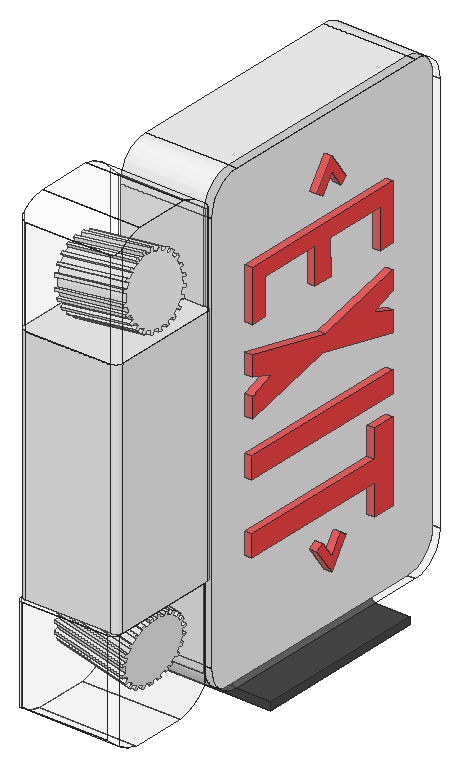
Revit family "DYNC_End", category Lighting Fixtures, host Face, Revit 2014
Parameters (values of type "DYNC-S-R")
  zz Length 1 [instance] = if(Single Face, 0.200", 0.250")  # 0.200"
  Watts = 3.72 W
  Wattage Comments = "3.72 W"
  Warranty = "Fixture: 5 Years Full; Battery: 2 Years Full, 8 Years Pro-Rata"  # constant formula
  Wall Plate Material = Hubbell - Black
  Voltage [instance] = if(Is 120VAC, 120 V, 277 V)  # 120 V
  URL = "https://www.hubbell.com/dual-lite/en"
  Type Comments = "Exit Light"  # constant formula
  Single Face = yes
  Product Page URL = "https://www.hubbell.com/dual-lite/en/Products/Lighting-Controls/Emergency-Exit-Lighting/Exit-Message-Signs/Dynamo-DYNC-Series/p/3015624"
  Product Documentation Link = "https://hubbellcdn.com/specsheet/DL_DYNC_SPEC.pdf"
  Model = "DYNC"  # constant formula
  Manufacturer = "DUAL-LITE"  # constant formula
  Load Classification = Lighting
  Lens = Hubbell - Red Glass
  Lamp = "LED Lamp"  # constant formula
  Is 277VAC [instance] = not(Is 120VAC)  # no
  Is 120VAC [instance] = yes
  Holder Material = Hubbell - Steel
  Glass = Hubbell - light Glass
  Finish = Hubbell - White
  Features = "NEMA 4X Rated\r\nUL Sanitation Certified\r\nFull Lumen output over 90 minutes of battery discharge\r\nHeavy Duty die-cast construction with polycarbonate shields\r\nLong-life Lithium Iron Phosphate battery\r\nRed or Green Letters in White or Black Finish\r\nWall, Ceiling or End Mount"  # constant formula
  Double Face = no
  Description = "DYNC Series is a highly versatile superior lumen output, industrial application combination Exit/Emergency lighting unit designed to provide a minimum of 90 minutes illumination when primary power is lost."  # constant formula
  Default Elevation = 48.000"
  Certification = "UL 924 Listed\r\nNFPA 101 Life Safety Code\r\nCEC T20 Compliant"  # constant formula
  Ceiling = End : E1
  Application = "NEMA 4 X, Wet, Industrial"  # constant formula
  Apparent Load = Watts  # 3.72 VA
Types (4): name | Lens | Double Face
  DYNC-S-R | Hubbell - Red Glass | no
  DYNC-S-G | Hubbell - Green Glass | no
  DYNC-D-G | Hubbell - Green Glass | yes
  DYNC-D-R | Hubbell - Red Glass | yes
Reference planes (in)
  plane 1 "Center (Front/Back)": y = 0
  plane 2: z = 0
  plane 3 "Center (Left/Right)": x = 0
  plane 4: x = -6.25
  plane 5: x = 6.25
  plane 6: x = -2.75
  plane 7: x = 2.75
  plane 8: z = 9.3
  plane 9: y = -1.25
  plane 10: y = 1.25
  plane 11: y = -2.2
  plane 12: y = 2.2
Forms (in)
  Extrusion 1, solid, material "Hubbell - Black" <- "Wall Plate Material"
    sketch origin (-0.33698, -0.33698, 0) x (1, 0, 0) y (0, 0, 1)
      loop
        line (2.20258, 0) -> (2.20258, 0.24288) -> (1.0795, 0.24288)
        arc (1.0795, 0.24288) -> (0.94157, 0.42301) -> (0.97906, 0.64676) r 0.28476
        line (0.97906, 0.64676) -> (-0.97906, 0.64676)
        arc (-0.97906, 0.64676) -> (-0.94157, 0.42301) -> (-1.0795, 0.24288) r 0.28476
        line (-1.0795, 0.24288) -> (-2.20258, 0.24288) -> (-2.20258, 0) -> (2.20258, 0)
    from -2.75 to 2.75
Dimensions and locks (in)
  plane 4 to plane 3 "Center (Left/Right)" = 6.250"
  equal spacing: plane 4, plane 3 "Center (Left/Right)", plane 5
  equal spacing: plane 6, plane 3 "Center (Left/Right)", plane 7
  plane 6 to plane 3 "Center (Left/Right)" = 2.750"
  plane 7 to plane 6 = 5.500"
  plane 5 to plane 4 = 12.500"
  aligned and locked: plane 2 to host face
  aligned and locked: level to host face
Automatic sketch dimensions
  host sketch curve to host sketch curve = 96.000"  (x2)
  Extrusion 1 sketch curve to level = 0.000"
  plane 6 to Extrusion 1 sketch curve = 0.21043"
  level to Extrusion 1 sketch curve = 0.49173"
  Extrusion 1 sketch curve to Extrusion 1 sketch curve = 0.98467"
  Extrusion 1 sketch curve to Extrusion 1 sketch curve = 0.13842"  (x2)
  Extrusion 1 sketch curve to Extrusion 1 sketch curve = 0.23886"
  plane 3 "Center (Left/Right)" to Extrusion 1 sketch curve = 0.64208"
  Extrusion 1 sketch curve to Extrusion 1 sketch curve = 0.10044"
  level to Extrusion 1 sketch curve = 0.24288"
  Extrusion 1 sketch curve to plane 7 = 0.8844"
  Extrusion 1 sketch curve to Extrusion 1 sketch curve = 0.24288"
Nested families (in)
  nested 1: "End" at (-0.3125, -4, 3.27041) x (0, 1, 0) z (0, 0, 1), type <- "Ceiling", type "E1"
  nested 2: "Light Source" at (0.45318, -6.95135, 0.39641) x (-0.9983, 0.0591, 0) z (0, 0, 1), type "ies"
  nested 3: "Light Source" at (0.45318, -6.95135, 10.85511) x (-0.997, 0.0778, 0) z (0, 0, 1), type "ies"
Connectors (in)
  electrical at (-0.33698, -0.33698, 0), driven by "Voltage", driven by "Apparent Load"
    settings: on Extrusion 1, index 1, voltage 120 V, apparent load 3.72 VA, apparent load phase1 0 VA, apparent load phase2 0 VA, apparent load phase3 0 VA, power factor 1, load classification "Other", number of poles 1, system type 30, power factor state 1, is connector primary yes, connector utility no, sub classification motor no, connector description "Lighting Connector"
Definition of nested family "End"
  Parameters (values of type "E1")
    Width = 3.100"
    Single Face = yes
    Lens = Hubbell - Red Glass
    Glass = Hubbell - light Glass
    Finish = Hubbell - White
    Double Face = no
  Reference planes (in)
    plane 1 "Center (Front/Back)": y = 0
    plane 2: z = 0
    plane 3 "Center (Left/Right)": x = 0
    plane 4: x = -7.375
    plane 5: x = 7.375
    plane 6: z = 9.055
    plane 7: y = -1.55
    plane 8: y = 1.55
    plane 9: z = 12.8
    plane 10: z = 13.6
  Forms (in)
    Extrusion 1, solid, material "Hubbell - White" <- "Finish"
      sketch origin (8.66333, 0.02507, 4.75135) x (0, 0, 1) y (-1, 0, 0)
        loop
          arc (-6.375, 9.3) -> (-7.08211, 9.00711) -> (-7.375, 8.3) r 1
          line (-7.375, 8.3) -> (-7.375, 1.25)
          arc (-7.375, 1.25) -> (-7.08211, 0.54289) -> (-6.375, 0.25) r 1
          line (-6.375, 0.25) -> (6.375, 0.25)
          arc (6.375, 0.25) -> (7.08211, 0.54289) -> (7.375, 1.25) r 1
          line (7.375, 1.25) -> (7.375, 8.3)
          arc (7.375, 8.3) -> (7.08211, 9.00711) -> (6.375, 9.3) r 1
          line (6.375, 9.3) -> (-6.375, 9.3)
      from -1.3125 to 1.3125
    Extrusion 2, solid, material "Hubbell - Red Glass" <- "Lens", visible <- "Single Face"
      sketch origin (7.41333, -0.66243, 4.75135) x (0, 0, 1) y (-1, 0, 0)
        loop
          line (-4.88814, 3.88778) -> (-5.7073, 3.3142) -> (-4.88814, 2.74063) -> (-4.74475, 2.94542) -> (-5.27143, 3.3142) -> (-4.74475, 3.68299) -> (-4.88814, 3.88778)
        loop
          line (5.26314, 3.88778) -> (5.11975, 3.68299) -> (5.64643, 3.3142) -> (5.11975, 2.94542) -> (5.26314, 2.74063) -> (6.0823, 3.3142) -> (5.26314, 3.88778)
        loop
          line (2.68416, 6.45678) -> (2.68416, 5.97564) -> (3.8216, 5.97564) -> (3.8216, 3.97225) -> (2.68416, 3.97225) -> (2.68416, 3.36683) -> (3.80274, 3.3823) -> (3.80274, 1.3823) -> (2.55274, 1.3823) -> (2.55274, 0.8823) -> (4.30274, 0.8823) -> (4.30274, 6.45678) -> (2.68416, 6.45678)
        loop
          line (1.83093, 6.45573) -> (1.20036, 6.45573) -> (0.92318, 5.69418) -> (0.646, 6.45573) -> (0.01543, 6.45573) -> (0.65867, 3.66954) -> (0.01543, 0.88335) -> (0.646, 0.88335) -> (0.92318, 1.64489) -> (1.20036, 0.88335) -> (1.78078, 0.88335) -> (1.16261, 3.56092) -> (1.83093, 6.45573)
        loop
          line (-1.71319, 6.47228) -> (-1.71319, 0.88335) -> (-1.04357, 0.88335) -> (-1.04357, 6.47228) -> (-1.71319, 6.47228)
        loop
          line (-2.38057, 0.88335) -> (-2.38057, 1.61488) -> (-3.25288, 1.61488) -> (-3.25288, 6.47228) -> (-3.9225, 6.47228) -> (-3.9225, 1.61488) -> (-4.89234, 1.61488) -> (-4.89234, 0.88335) -> (-2.38057, 0.88335)
      from 0.625 to 0.89107
    Extrusion 3, solid, material "Hubbell - light Glass" <- "Glass", visible <- "Single Face"
      sketch origin (8.66333, -0.66243, 4.75135) x (0, 0, 1) y (-1, 0, 0)
        loop
          line (-7.375, 8.305) -> (-7.375, 1.25)
          arc (-7.375, 1.25) -> (-7.08211, 0.54289) -> (-6.375, 0.25) r 1
          line (-6.375, 0.25) -> (6.375, 0.25)
          arc (6.375, 0.25) -> (7.08211, 0.54289) -> (7.375, 1.25) r 1
          line (7.375, 1.25) -> (7.375, 8.305)
          arc (7.375, 8.305) -> (7.08211, 9.01211) -> (6.375, 9.305) r 1
          line (6.375, 9.305) -> (-6.375, 9.305)
          arc (-6.375, 9.305) -> (-7.08211, 9.01211) -> (-7.375, 8.305) r 1
      from 0.625 to 0.89107
    Extrusion 4, solid, material "Hubbell - Red Glass" <- "Lens", visible <- "Double Face"
      sketch origin (0.05875, 0.71257, 4.75135) x (0, 0, -1) y (-1, 0, 0)
        loop
          line (-4.95064, -3.88778) -> (-4.80725, -3.68299) -> (-5.33393, -3.3142) -> (-4.80725, -2.94542) -> (-4.95064, -2.74063) -> (-5.7698, -3.3142) -> (-4.95064, -3.88778)
        loop
          line (5.20064, -3.88778) -> (6.0198, -3.3142) -> (5.20064, -2.74063) -> (5.05725, -2.94542) -> (5.58393, -3.3142) -> (5.05725, -3.68299) -> (5.20064, -3.88778)
        loop
          line (2.68416, -6.45678) -> (4.30274, -6.45678) -> (4.30274, -0.8823) -> (2.55274, -0.8823) -> (2.55274, -1.3823) -> (3.80274, -1.3823) -> (3.80274, -3.3823) -> (2.68416, -3.36683) -> (2.68416, -3.97225) -> (3.8216, -3.97225) -> (3.8216, -5.97564) -> (2.68416, -5.97564) -> (2.68416, -6.45678)
        loop
          line (1.83093, -6.45573) -> (1.16261, -3.56092) -> (1.78078, -0.88335) -> (1.20036, -0.88335) -> (0.92318, -1.64489) -> (0.646, -0.88335) -> (0.01543, -0.88335) -> (0.65867, -3.66954) -> (0.01543, -6.45573) -> (0.646, -6.45573) -> (0.92318, -5.69418) -> (1.20036, -6.45573) -> (1.83093, -6.45573)
        loop
          line (-1.77569, -6.47228) -> (-1.10607, -6.47228) -> (-1.10607, -0.88335) -> (-1.77569, -0.88335) -> (-1.77569, -6.47228)
        loop
          line (-4.95484, -6.47228) -> (-2.44307, -6.47228) -> (-2.44307, -5.74075) -> (-3.41291, -5.74075) -> (-3.41291, -0.88335) -> (-4.08253, -0.88335) -> (-4.08253, -5.74075) -> (-4.95484, -5.74075) -> (-4.95484, -6.47228)
      from 0.625 to 0.84093
    Extrusion 5, solid, material "Hubbell - light Glass" <- "Glass", visible <- "Double Face"
      sketch origin (8.66333, 0.71257, 4.75135) x (0, 0, 1) y (1, 0, 0)
        loop
          line (7.375, -8.3) -> (7.375, -1.25)
          arc (7.375, -1.25) -> (7.08211, -0.54289) -> (6.375, -0.25) r 1
          line (6.375, -0.25) -> (-6.375, -0.25)
          arc (-6.375, -0.25) -> (-7.08211, -0.54289) -> (-7.375, -1.25) r 1
          line (-7.375, -1.25) -> (-7.375, -8.3)
          arc (-7.375, -8.3) -> (-7.08211, -9.00711) -> (-6.375, -9.3) r 1
          line (-6.375, -9.3) -> (6.375, -9.3)
          arc (6.375, -9.3) -> (7.08211, -9.00711) -> (7.375, -8.3) r 1
      from 0.625 to 0.84093
    Extrusion 6, solid, material "Hubbell - White" <- "Finish"
      sketch origin (8.41333, 0, 4.75135) x (0, 1, 0) y (-1, 0, 0)
        loop
          arc (1.40408, 9.05) -> (1.50726, 9.09274) -> (1.55, 9.19592) r 0.14592
          line (1.55, 9.19592) -> (1.55, 12.58698)
          arc (1.55, 12.58698) -> (1.48761, 12.73761) -> (1.33698, 12.8) r 0.21302
          line (1.33698, 12.8) -> (-1.33575, 12.8)
          arc (-1.33575, 12.8) -> (-1.48725, 12.73725) -> (-1.55, 12.58575) r 0.21425
          line (-1.55, 12.58575) -> (-1.55, 9.2302)
          arc (-1.55, 9.2302) -> (-1.49722, 9.10278) -> (-1.3698, 9.05) r 0.1802
          line (-1.3698, 9.05) -> (1.40408, 9.05)
      from -3.80274 to 3.8216
    Extrusion 7, solid, material "Hubbell - light Glass" <- "Glass"
      sketch origin (8.41333, 0.09375, -3.74865) x (0, 1, 0) y (-1, 0, 0)
        loop
          arc (1.40408, 9.05) -> (1.50726, 9.09274) -> (1.55, 9.19592) r 0.14592
          line (1.55, 9.19592) -> (1.55, 12.58698)
          arc (1.55, 12.58698) -> (1.48761, 12.73761) -> (1.33698, 12.8) r 0.21302
          line (1.33698, 12.8) -> (-1.33575, 12.8)
          arc (-1.33575, 12.8) -> (-1.48725, 12.73725) -> (-1.55, 12.58575) r 0.21425
          line (-1.55, 12.58575) -> (-1.55, 9.2302)
          arc (-1.55, 9.2302) -> (-1.49722, 9.10278) -> (-1.3698, 9.05) r 0.1802
          line (-1.3698, 9.05) -> (1.40408, 9.05)
      from 1.125 to 4.5775
    Extrusion 8, solid, material "Hubbell - light Glass" <- "Glass"
      sketch origin (8.41333, 0, 13.25135) x (1, 0, 0) y (0, 1, 0)
        loop
          arc (-9.05, 1.40408) -> (-9.09274, 1.50726) -> (-9.19592, 1.55) r 0.14592
          line (-9.19592, 1.55) -> (-12.58698, 1.55)
          arc (-12.58698, 1.55) -> (-12.73761, 1.48761) -> (-12.8, 1.33698) r 0.21302
          line (-12.8, 1.33698) -> (-12.8, -1.33575)
          arc (-12.8, -1.33575) -> (-12.73725, -1.48725) -> (-12.58575, -1.55) r 0.21425
          line (-12.58575, -1.55) -> (-9.2302, -1.55)
          arc (-9.2302, -1.55) -> (-9.10278, -1.49722) -> (-9.05, -1.3698) r 0.1802
          line (-9.05, -1.3698) -> (-9.05, 1.40408)
      from -4.6784 to -1.125
    Extrusion 9, void
      sketch origin (8.41333, 0, 4.7826) x (0, 0, 1) y (-1, 0, 0)
        loop
          line (-6.4079, 13.16468) -> (-7.87985, 13.16468) -> (-7.87985, 9.05) -> (-6.6482, 9.05)
          arc (-6.6482, 9.05) -> (-7.21595, 9.64124) -> (-7.4355, 10.43099) r 1.67637
          line (-7.4355, 10.43099) -> (-7.4355, 11.60825)
          arc (-7.4355, 11.60825) -> (-7.14621, 12.53469) -> (-6.4079, 13.16468) r 1.75073
      from -1.74651 to 1.7598
    Extrusion 10, void
      sketch origin (8.41333, 0, 4.7201) x (0, 0, -1) y (1, 0, 0)
        loop
          arc (-6.4079, -13.16468) -> (-7.14621, -12.53469) -> (-7.4355, -11.60825) r 1.75073
          line (-7.4355, -11.60825) -> (-7.4355, -10.43099)
          arc (-7.4355, -10.43099) -> (-7.21595, -9.64124) -> (-6.6482, -9.05) r 1.67637
          line (-6.6482, -9.05) -> (-7.87985, -9.05) -> (-7.87985, -13.16468) -> (-6.4079, -13.16468)
      from -1.74651 to 1.7598
    Extrusion 11, solid, material "Hubbell - White" <- "Finish"
      sketch origin (8.02005, -1.94508, 5.99234) x (0.060547, 0.166352, -0.984206) y (0.994797, -0.090997, 0.045818)
        loop
          line (5.62448, -11.89005) -> (5.62448, -12.01258) -> (5.71473, -12.01258) -> (5.71473, -11.89413)
          arc (5.71473, -11.89413) -> (5.84526, -11.88558) -> (5.97355, -11.86006) r 1
          line (5.97355, -11.86006) -> (6.00421, -11.97447) -> (6.09138, -11.95111) -> (6.05967, -11.83276)
          arc (6.05967, -11.83276) -> (6.13876, -11.79978) -> (6.21473, -11.76016) r 1
          line (6.21473, -11.76016) -> (6.27395, -11.86274) -> (6.35212, -11.81761) -> (6.29085, -11.7115)
          arc (6.29085, -11.7115) -> (6.35871, -11.65918) -> (6.42184, -11.60124) r 1
          line (6.42184, -11.60124) -> (6.50559, -11.68499) -> (6.56941, -11.62117) -> (6.48277, -11.53453)
          arc (6.48277, -11.53453) -> (6.53477, -11.46643) -> (6.58076, -11.39413) r 1
          line (6.58076, -11.39413) -> (6.68333, -11.45336) -> (6.72846, -11.37519) -> (6.62235, -11.31393)
          arc (6.62235, -11.31393) -> (6.65495, -11.23469) -> (6.68066, -11.15295) r 1
          line (6.68066, -11.15295) -> (6.79507, -11.18361) -> (6.81843, -11.09643) -> (6.70007, -11.06472)
          arc (6.70007, -11.06472) -> (6.71106, -10.97974) -> (6.71473, -10.89413) r 1
          line (6.71473, -10.89413) -> (6.83318, -10.89413) -> (6.83318, -10.80388) -> (6.71065, -10.80388)
          arc (6.71065, -10.80388) -> (6.69927, -10.71895) -> (6.68066, -10.63531) r 1
          line (6.68066, -10.63531) -> (6.79507, -10.60466) -> (6.77171, -10.51748) -> (6.65335, -10.54919)
          arc (6.65335, -10.54919) -> (6.62038, -10.4701) -> (6.58076, -10.39413) r 1
          line (6.58076, -10.39413) -> (6.68333, -10.33491) -> (6.63821, -10.25675) -> (6.53209, -10.31801)
          arc (6.53209, -10.31801) -> (6.50808, -10.28537) -> (6.48277, -10.25373) r 1
          line (6.48277, -10.25373) -> (6.56941, -10.16709) -> (6.50559, -10.10327) -> (6.42184, -10.18702)
          arc (6.42184, -10.18702) -> (6.35871, -10.12909) -> (6.29085, -10.07677) r 1
          line (6.29085, -10.07677) -> (6.35212, -9.97065) -> (6.27395, -9.92553) -> (6.21473, -10.02811)
          arc (6.21473, -10.02811) -> (6.13876, -9.98848) -> (6.05967, -9.95551) r 1
          line (6.05967, -9.95551) -> (6.09138, -9.83715) -> (6.00421, -9.81379) -> (5.97355, -9.92821)
          arc (5.97355, -9.92821) -> (5.88991, -9.9096) -> (5.80498, -9.89821) r 1
          line (5.80498, -9.89821) -> (5.80498, -9.77568) -> (5.71473, -9.77568) -> (5.71473, -9.89413)
          arc (5.71473, -9.89413) -> (5.62912, -9.8978) -> (5.54415, -9.90879) r 1
          line (5.54415, -9.90879) -> (5.51243, -9.79043) -> (5.42525, -9.81379) -> (5.45591, -9.92821)
          arc (5.45591, -9.92821) -> (5.37417, -9.95391) -> (5.29493, -9.98651) r 1
          line (5.29493, -9.98651) -> (5.23367, -9.8804) -> (5.15551, -9.92553) -> (5.21473, -10.02811)
          arc (5.21473, -10.02811) -> (5.14243, -10.07409) -> (5.07433, -10.12609) r 1
          line (5.07433, -10.12609) -> (4.98769, -10.03945) -> (4.92387, -10.10327) -> (5.00762, -10.18702)
          arc (5.00762, -10.18702) -> (4.94969, -10.25015) -> (4.89737, -10.31801) r 1
          line (4.89737, -10.31801) -> (4.79125, -10.25675) -> (4.74613, -10.33491) -> (4.8487, -10.39413)
          arc (4.8487, -10.39413) -> (4.80908, -10.4701) -> (4.77611, -10.54919) r 1
          line (4.77611, -10.54919) -> (4.65775, -10.51748) -> (4.63439, -10.60466) -> (4.7488, -10.63531)
          arc (4.7488, -10.63531) -> (4.73019, -10.71895) -> (4.71881, -10.80388) r 1
          line (4.71881, -10.80388) -> (4.59628, -10.80388) -> (4.59628, -10.89413) -> (4.71473, -10.89413)
          arc (4.71473, -10.89413) -> (4.7184, -10.97974) -> (4.72939, -11.06472) r 1
          line (4.72939, -11.06472) -> (4.61103, -11.09643) -> (4.63439, -11.18361) -> (4.7488, -11.15295)
          arc (4.7488, -11.15295) -> (4.77451, -11.23469) -> (4.80711, -11.31393) r 1
          line (4.80711, -11.31393) -> (4.701, -11.37519) -> (4.74613, -11.45336) -> (4.8487, -11.39413)
          arc (4.8487, -11.39413) -> (4.89469, -11.46643) -> (4.94669, -11.53453) r 1
          line (4.94669, -11.53453) -> (4.86005, -11.62117) -> (4.92387, -11.68499) -> (5.00762, -11.60124)
          arc (5.00762, -11.60124) -> (5.07075, -11.65918) -> (5.13861, -11.7115) r 1
          line (5.13861, -11.7115) -> (5.07734, -11.81761) -> (5.15551, -11.86274) -> (5.21473, -11.76016)
          arc (5.21473, -11.76016) -> (5.2907, -11.79978) -> (5.36979, -11.83276) r 1
          line (5.36979, -11.83276) -> (5.33808, -11.95111) -> (5.42525, -11.97447) -> (5.45591, -11.86006)
          arc (5.45591, -11.86006) -> (5.53955, -11.87867) -> (5.62448, -11.89005) r 1
      from -1.05758 to 1.28743
    Extrusion 12, solid, material "Hubbell - White" <- "Finish"
      sketch origin (8.05037, -1.76154, 3.51036) x (0.057635, 0.167383, 0.984206) y (-0.996233, 0.073622, 0.045818)
        loop
          arc (5.62448, 11.89005) -> (5.53955, 11.87867) -> (5.45591, 11.86006) r 1
          line (5.45591, 11.86006) -> (5.42525, 11.97447) -> (5.33808, 11.95111) -> (5.36979, 11.83276)
          arc (5.36979, 11.83276) -> (5.2907, 11.79978) -> (5.21473, 11.76016) r 1
          line (5.21473, 11.76016) -> (5.15551, 11.86274) -> (5.07734, 11.81761) -> (5.13861, 11.7115)
          arc (5.13861, 11.7115) -> (5.07075, 11.65918) -> (5.00762, 11.60124) r 1
          line (5.00762, 11.60124) -> (4.92387, 11.68499) -> (4.86005, 11.62117) -> (4.94669, 11.53453)
          arc (4.94669, 11.53453) -> (4.89469, 11.46643) -> (4.8487, 11.39413) r 1
          line (4.8487, 11.39413) -> (4.74613, 11.45336) -> (4.701, 11.37519) -> (4.80711, 11.31393)
          arc (4.80711, 11.31393) -> (4.77451, 11.23469) -> (4.7488, 11.15295) r 1
          line (4.7488, 11.15295) -> (4.63439, 11.18361) -> (4.61103, 11.09643) -> (4.72939, 11.06472)
          arc (4.72939, 11.06472) -> (4.7184, 10.97974) -> (4.71473, 10.89413) r 1
          line (4.71473, 10.89413) -> (4.59628, 10.89413) -> (4.59628, 10.80388) -> (4.71881, 10.80388)
          arc (4.71881, 10.80388) -> (4.73019, 10.71895) -> (4.7488, 10.63531) r 1
          line (4.7488, 10.63531) -> (4.63439, 10.60466) -> (4.65775, 10.51748) -> (4.77611, 10.54919)
          arc (4.77611, 10.54919) -> (4.80908, 10.4701) -> (4.8487, 10.39413) r 1
          line (4.8487, 10.39413) -> (4.74613, 10.33491) -> (4.79125, 10.25675) -> (4.89737, 10.31801)
          arc (4.89737, 10.31801) -> (4.94969, 10.25015) -> (5.00762, 10.18702) r 1
          line (5.00762, 10.18702) -> (4.92387, 10.10327) -> (4.98769, 10.03945) -> (5.07433, 10.12609)
          arc (5.07433, 10.12609) -> (5.14243, 10.07409) -> (5.21473, 10.02811) r 1
          line (5.21473, 10.02811) -> (5.15551, 9.92553) -> (5.23367, 9.8804) -> (5.29493, 9.98651)
          arc (5.29493, 9.98651) -> (5.37417, 9.95391) -> (5.45591, 9.92821) r 1
          line (5.45591, 9.92821) -> (5.42525, 9.81379) -> (5.51243, 9.79043) -> (5.54415, 9.90879)
          arc (5.54415, 9.90879) -> (5.62912, 9.8978) -> (5.71473, 9.89413) r 1
          line (5.71473, 9.89413) -> (5.71473, 9.77568) -> (5.80498, 9.77568) -> (5.80498, 9.89821)
          arc (5.80498, 9.89821) -> (5.88991, 9.9096) -> (5.97355, 9.92821) r 1
          line (5.97355, 9.92821) -> (6.00421, 9.81379) -> (6.09138, 9.83715) -> (6.05967, 9.95551)
          arc (6.05967, 9.95551) -> (6.13876, 9.98848) -> (6.21473, 10.02811) r 1
          line (6.21473, 10.02811) -> (6.27395, 9.92553) -> (6.35212, 9.97065) -> (6.29085, 10.07677)
          arc (6.29085, 10.07677) -> (6.35871, 10.12909) -> (6.42184, 10.18702) r 1
          line (6.42184, 10.18702) -> (6.50559, 10.10327) -> (6.56941, 10.16709) -> (6.48277, 10.25373)
          arc (6.48277, 10.25373) -> (6.50808, 10.28537) -> (6.53209, 10.31801) r 1
          line (6.53209, 10.31801) -> (6.63821, 10.25675) -> (6.68333, 10.33491) -> (6.58076, 10.39413)
          arc (6.58076, 10.39413) -> (6.62038, 10.4701) -> (6.65335, 10.54919) r 1
          line (6.65335, 10.54919) -> (6.77171, 10.51748) -> (6.79507, 10.60466) -> (6.68066, 10.63531)
          arc (6.68066, 10.63531) -> (6.69927, 10.71895) -> (6.71065, 10.80388) r 1
          line (6.71065, 10.80388) -> (6.83318, 10.80388) -> (6.83318, 10.89413) -> (6.71473, 10.89413)
          arc (6.71473, 10.89413) -> (6.71106, 10.97974) -> (6.70007, 11.06472) r 1
          line (6.70007, 11.06472) -> (6.81843, 11.09643) -> (6.79507, 11.18361) -> (6.68066, 11.15295)
          arc (6.68066, 11.15295) -> (6.65495, 11.23469) -> (6.62235, 11.31393) r 1
          line (6.62235, 11.31393) -> (6.72846, 11.37519) -> (6.68333, 11.45336) -> (6.58076, 11.39413)
          arc (6.58076, 11.39413) -> (6.53477, 11.46643) -> (6.48277, 11.53453) r 1
          line (6.48277, 11.53453) -> (6.56941, 11.62117) -> (6.50559, 11.68499) -> (6.42184, 11.60124)
          arc (6.42184, 11.60124) -> (6.35871, 11.65918) -> (6.29085, 11.7115) r 1
          line (6.29085, 11.7115) -> (6.35212, 11.81761) -> (6.27395, 11.86274) -> (6.21473, 11.76016)
          arc (6.21473, 11.76016) -> (6.13876, 11.79978) -> (6.05967, 11.83276) r 1
          line (6.05967, 11.83276) -> (6.09138, 11.95111) -> (6.00421, 11.97447) -> (5.97355, 11.86006)
          arc (5.97355, 11.86006) -> (5.84526, 11.88558) -> (5.71473, 11.89413) r 1
          line (5.71473, 11.89413) -> (5.71473, 12.01258) -> (5.62448, 12.01258) -> (5.62448, 11.89005)
      from -1.05758 to 1.28743
  Cuts and joins
    Extrusion 9 cuts Extrusion 1
    Extrusion 9 cuts Extrusion 3
    Extrusion 9, Extrusion 10 cuts Extrusion 7
    Extrusion 10 cuts Extrusion 8
  Dimensions and locks (in)
    plane 6 to level = 9.055"
    plane 5 to plane 4 = 14.750"
    equal spacing: plane 5, plane 3 "Center (Left/Right)", plane 4
    "Width": plane 8 to plane 7
    equal spacing: plane 8, plane 1 "Center (Front/Back)", plane 7
    aligned and locked: plane 2 to level
  Automatic sketch dimensions
    plane 5 to Extrusion 1 sketch curve = 0.03833"
    Extrusion 1 sketch curve to level = 2.62365"
    plane 5 to Extrusion 1 sketch curve = 1.03833"
    plane 3 "Center (Left/Right)" to Extrusion 1 sketch curve = 0.36333"  (x2)
    Extrusion 1 sketch curve to Extrusion 1 sketch curve = 1.000"
    Extrusion 1 sketch curve to plane 9 = 1.67365"  (x2)
    Extrusion 2 sketch curve to level = 0.95595"
    Extrusion 2 sketch curve to Extrusion 2 sketch curve = 0.43586"  (x2)
    Extrusion 2 sketch curve to level = 0.14099"
    Extrusion 2 sketch curve to level = 0.13679"  (x2)
    level to Extrusion 2 sketch curve = 0.0066"  (x2)
    level to Extrusion 2 sketch curve = 0.82885"
    Extrusion 2 sketch curve to Extrusion 2 sketch curve = 0.66962"  (x2)
    Extrusion 2 sketch curve to Extrusion 2 sketch curve = 0.87231"
    Extrusion 2 sketch curve to Extrusion 2 sketch curve = 0.66738"
    Extrusion 2 sketch curve to Extrusion 2 sketch curve = 1.05899"  (x2)
    Extrusion 2 sketch curve to plane 5 = 0.84502"  (x3)
    Extrusion 2 sketch curve to Extrusion 2 sketch curve = 0.63057"  (x3)
    plane 3 "Center (Left/Right)" to Extrusion 2 sketch curve = 0.9576"  (x2)
    Extrusion 2 sketch curve to Extrusion 2 sketch curve = 0.01267"
    Extrusion 2 sketch curve to plane 5 = 1.60656"
    Extrusion 2 sketch curve to Extrusion 2 sketch curve = 0.27718"  (x2)
    Extrusion 2 sketch curve to Extrusion 2 sketch curve = 0.50394"
    Extrusion 2 sketch curve to Extrusion 2 sketch curve = 0.55436"  (x2)
    Extrusion 2 sketch curve to Extrusion 2 sketch curve = 0.58042"
    Extrusion 2 sketch curve to Extrusion 2 sketch curve = 0.77196"
    Extrusion 2 sketch curve to Extrusion 2 sketch curve = 0.85323"
    Extrusion 2 sketch curve to Extrusion 2 sketch curve = 1.52154"
    Extrusion 2 sketch curve to plane 6 = 0.50091"
    Extrusion 2 sketch curve to plane 6 = 0.48205"
    Extrusion 2 sketch curve to plane 6 = 0.00091"
    plane 6 to Extrusion 2 sketch curve = 0.8161"
    Extrusion 2 sketch curve to Extrusion 2 sketch curve = 0.000"  (x3)
    Extrusion 2 sketch curve to Extrusion 2 sketch curve = 0.14339"  (x2)
    Extrusion 2 sketch curve to Extrusion 2 sketch curve = 0.52668"
    Extrusion 2 sketch curve to Extrusion 2 sketch curve = 0.00106"
    Extrusion 2 sketch curve to Extrusion 2 sketch curve = 0.500"
    Extrusion 2 sketch curve to Extrusion 2 sketch curve = 0.73153"
    Extrusion 2 sketch curve to Extrusion 2 sketch curve = 1.12575"
    Extrusion 2 sketch curve to Extrusion 2 sketch curve = 1.35833"
    Extrusion 2 sketch curve to Extrusion 2 sketch curve = 0.20479"  (x2)
    Extrusion 2 sketch curve to Extrusion 2 sketch curve = 1.98453"
    Extrusion 2 sketch curve to Extrusion 2 sketch curve = 0.01547"
    Extrusion 2 sketch curve to Extrusion 2 sketch curve = 0.19409"
    Extrusion 2 sketch curve to Extrusion 2 sketch curve = 0.10862"
    Extrusion 2 sketch curve to Extrusion 2 sketch curve = 0.58995"
    Extrusion 2 sketch curve to Extrusion 2 sketch curve = 0.76154"
    Extrusion 2 sketch curve to Extrusion 2 sketch curve = 0.48009"
    Extrusion 2 sketch curve to Extrusion 2 sketch curve = 0.48114"
    plane 3 "Center (Left/Right)" to Extrusion 2 sketch curve = 0.94105"  (x2)
    plane 3 "Center (Left/Right)" to Extrusion 3 sketch curve = 0.35833"
    Extrusion 3 sketch curve to level = 2.62365"
    Extrusion 3 sketch curve to Extrusion 3 sketch curve = 1.000"  (x2)
    Extrusion 3 sketch curve to plane 9 = 1.67365"  (x2)
    plane 5 to Extrusion 3 sketch curve = 1.03833"
    plane 5 to Extrusion 3 sketch curve = 0.03833"
    plane 6 to Extrusion 4 sketch curve = 1.46615"
    Extrusion 4 sketch curve to Extrusion 4 sketch curve = 0.43586"  (x2)
    plane 6 to Extrusion 4 sketch curve = 0.65119"
    plane 6 to Extrusion 4 sketch curve = 0.64699"  (x2)
    Extrusion 4 sketch curve to Extrusion 4 sketch curve = 0.14339"  (x4)
    Extrusion 4 sketch curve to plane 6 = 0.22112"
    Extrusion 4 sketch curve to Extrusion 4 sketch curve = 0.66962"  (x2)
    Extrusion 4 sketch curve to Extrusion 4 sketch curve = 0.96984"
    Extrusion 4 sketch curve to Extrusion 4 sketch curve = 0.66738"
    Extrusion 4 sketch curve to Extrusion 4 sketch curve = 1.12149"  (x2)
    Extrusion 4 sketch curve to plane 5 = 0.86052"  (x2)
    Extrusion 4 sketch curve to Extrusion 4 sketch curve = 0.63057"  (x3)
    plane 3 "Center (Left/Right)" to Extrusion 4 sketch curve = 0.94211"  (x3)
    Extrusion 4 sketch curve to Extrusion 4 sketch curve = 0.01267"
    Extrusion 4 sketch curve to plane 5 = 1.62206"
    Extrusion 4 sketch curve to Extrusion 4 sketch curve = 0.27718"  (x2)
    plane 3 "Center (Left/Right)" to Extrusion 4 sketch curve = 1.70365"
    Extrusion 4 sketch curve to Extrusion 4 sketch curve = 0.50394"
    Extrusion 4 sketch curve to Extrusion 4 sketch curve = 0.55436"  (x2)
    Extrusion 4 sketch curve to Extrusion 4 sketch curve = 0.58042"
    Extrusion 4 sketch curve to Extrusion 4 sketch curve = 0.77196"
    Extrusion 4 sketch curve to Extrusion 4 sketch curve = 0.85323"
    Extrusion 4 sketch curve to Extrusion 4 sketch curve = 1.52154"
    level to Extrusion 4 sketch curve = 0.94861"
    Extrusion 4 sketch curve to Extrusion 4 sketch curve = 0.01886"
    level to Extrusion 4 sketch curve = 0.44861"
    Extrusion 4 sketch curve to level = 0.3059"  (x2)
    Extrusion 4 sketch curve to Extrusion 4 sketch curve = 0.52668"
    Extrusion 4 sketch curve to Extrusion 4 sketch curve = 0.00106"
    Extrusion 4 sketch curve to plane 5 = 0.84397"
    Extrusion 4 sketch curve to Extrusion 4 sketch curve = 0.000"  (x2)
    Extrusion 4 sketch curve to Extrusion 4 sketch curve = 0.48114"
    Extrusion 4 sketch curve to Extrusion 4 sketch curve = 0.73153"
    Extrusion 4 sketch curve to Extrusion 4 sketch curve = 2.00339"
    Extrusion 4 sketch curve to Extrusion 4 sketch curve = 1.85297"
    Extrusion 4 sketch curve to Extrusion 4 sketch curve = 0.08447"
    Extrusion 4 sketch curve to Extrusion 4 sketch curve = 0.20479"  (x2)
    Extrusion 4 sketch curve to Extrusion 4 sketch curve = 2.02465"
    Extrusion 4 sketch curve to Extrusion 4 sketch curve = 0.10862"
    Extrusion 4 sketch curve to Extrusion 4 sketch curve = 0.58995"
    Extrusion 4 sketch curve to Extrusion 4 sketch curve = 0.60542"
    plane 3 "Center (Left/Right)" to Extrusion 4 sketch curve = 1.44105"
    Extrusion 4 sketch curve to Extrusion 4 sketch curve = 0.49894"
    Extrusion 4 sketch curve to Extrusion 4 sketch curve = 0.500"
    plane 3 "Center (Left/Right)" to Extrusion 5 sketch curve = 0.36333"  (x2)
    Extrusion 5 sketch curve to level = 2.62365"
    Extrusion 5 sketch curve to plane 3 "Center (Left/Right)" = 0.63667"
    plane 5 to Extrusion 5 sketch curve = 0.03833"  (x2)
    Extrusion 5 sketch curve to Extrusion 5 sketch curve = 1.000"
    Extrusion 5 sketch curve to plane 9 = 1.67365"
    plane 7 to Extrusion 6 sketch curve = 0.000"
    plane 8 to Extrusion 6 sketch curve = 0.000"
    Extrusion 6 sketch curve to plane 7 = 0.1802"
    Extrusion 6 sketch curve to Extrusion 6 sketch curve = 0.21425"
    plane 8 to Extrusion 6 sketch curve = 0.21302"
    plane 8 to Extrusion 6 sketch curve = 0.14592"
    Extrusion 6 sketch curve to plane 3 "Center (Left/Right)" = 0.63667"
    plane 4 to Extrusion 6 sketch curve = 3.20258"
    Extrusion 7 sketch curve to plane 7 = 0.09375"
    Extrusion 7 sketch curve to Extrusion 7 sketch curve = 0.1802"
    Extrusion 7 sketch curve to Extrusion 7 sketch curve = 0.21425"
    plane 8 to Extrusion 7 sketch curve = 0.11927"
    plane 8 to Extrusion 7 sketch curve = 0.05217"
    Extrusion 7 sketch curve to plane 8 = 0.09375"
    Extrusion 7 sketch curve to plane 3 "Center (Left/Right)" = 0.63667"
    plane 4 to Extrusion 7 sketch curve = 3.20258"
    plane 8 to Extrusion 8 sketch curve = 0.000"
    plane 7 to Extrusion 8 sketch curve = 0.000"
    plane 8 to Extrusion 8 sketch curve = 0.21302"
    plane 4 to Extrusion 8 sketch curve = 2.98833"
    Extrusion 8 sketch curve to Extrusion 8 sketch curve = 0.21425"
    Extrusion 8 sketch curve to plane 7 = 0.1802"
    Extrusion 8 sketch curve to plane 3 "Center (Left/Right)" = 0.81687"
    Extrusion 8 sketch curve to Extrusion 8 sketch curve = 0.14592"
    Extrusion 9 sketch curve to level = 3.09725"
    Extrusion 9 sketch curve to Extrusion 9 sketch curve = 0.44435"
    Extrusion 9 sketch curve to plane 3 "Center (Left/Right)" = 0.63667"
    Extrusion 9 sketch curve to Extrusion 9 sketch curve = 1.23165"
    Extrusion 9 sketch curve to Extrusion 9 sketch curve = 1.47195"
    Extrusion 9 sketch curve to level = 0.97702"
    Extrusion 9 sketch curve to level = 0.90258"
    Extrusion 9 sketch curve to Extrusion 9 sketch curve = 1.38099"
    Extrusion 9 sketch curve to Extrusion 9 sketch curve = 1.0986"
    Extrusion 9 sketch curve to Extrusion 9 sketch curve = 1.17726"
    plane 9 to Extrusion 10 sketch curve = 0.20005"
    plane 9 to Extrusion 10 sketch curve = 0.6444"
    plane 3 "Center (Left/Right)" to Extrusion 10 sketch curve = 0.63667"
    Extrusion 10 sketch curve to Extrusion 10 sketch curve = 1.23165"
    Extrusion 10 sketch curve to Extrusion 10 sketch curve = 1.47195"
    Extrusion 10 sketch curve to plane 6 = 1.42472"
    Extrusion 10 sketch curve to Extrusion 10 sketch curve = 0.07444"
    Extrusion 10 sketch curve to Extrusion 10 sketch curve = 1.38099"
    Extrusion 10 sketch curve to Extrusion 10 sketch curve = 1.0986"
    Extrusion 10 sketch curve to Extrusion 10 sketch curve = 1.17726"
    Extrusion 11 sketch curve to Extrusion 11 sketch curve = 0.000"  (x552)
    Extrusion 11 sketch curve to Extrusion 11 sketch curve = 0.01475"
    Extrusion 11 sketch curve to Extrusion 11 sketch curve = 0.03811"  (x3)
    Extrusion 11 sketch curve to Extrusion 11 sketch curve = 0.02336"  (x6)
    Extrusion 11 sketch curve to Extrusion 11 sketch curve = 0.06661"
    Extrusion 11 sketch curve to Extrusion 11 sketch curve = 0.11845"  (x2)
    Extrusion 11 sketch curve to Extrusion 11 sketch curve = 0.00408"  (x2)
    Extrusion 11 sketch curve to Extrusion 11 sketch curve = 0.11835"  (x2)
    Extrusion 11 sketch curve to Extrusion 11 sketch curve = 0.04513"  (x4)
    Extrusion 11 sketch curve to Extrusion 11 sketch curve = 0.08837"
    Extrusion 11 sketch curve to Extrusion 11 sketch curve = 0.11441"  (x2)
    Extrusion 11 sketch curve to Extrusion 11 sketch curve = 0.01942"  (x3)
    Extrusion 11 sketch curve to Extrusion 11 sketch curve = 0.0273"  (x3)
    Extrusion 11 sketch curve to Extrusion 11 sketch curve = 0.10611"
    Extrusion 11 sketch curve to Extrusion 11 sketch curve = 0.04159"  (x3)
    Extrusion 11 sketch curve to Extrusion 11 sketch curve = 0.10258"  (x4)
    Extrusion 11 sketch curve to Extrusion 11 sketch curve = 0.11392"
    Extrusion 11 sketch curve to Extrusion 11 sketch curve = 0.04866"  (x3)
    Extrusion 11 sketch curve to Extrusion 11 sketch curve = 0.13262"
    Extrusion 11 sketch curve to Extrusion 11 sketch curve = 0.06382"  (x4)
    Extrusion 11 sketch curve to Extrusion 11 sketch curve = 0.08664"
    Extrusion 11 sketch curve to Extrusion 11 sketch curve = 0.06093"  (x4)
    Extrusion 11 sketch curve to Extrusion 11 sketch curve = 0.08376"  (x5)
    Extrusion 11 sketch curve to Extrusion 11 sketch curve = 0.0667"  (x2)
    Extrusion 11 sketch curve to Extrusion 11 sketch curve = 0.15348"
    Extrusion 11 sketch curve to Extrusion 11 sketch curve = 0.06126"
    Extrusion 11 sketch curve to Extrusion 11 sketch curve = 0.16782"
    Extrusion 11 sketch curve to Extrusion 11 sketch curve = 0.07816"  (x4)
    Extrusion 11 sketch curve to Extrusion 11 sketch curve = 0.07612"  (x3)
    Extrusion 11 sketch curve to Extrusion 11 sketch curve = 0.05922"  (x7)
    Extrusion 11 sketch curve to Extrusion 11 sketch curve = 0.0802"
    Extrusion 11 sketch curve to Extrusion 11 sketch curve = 0.18257"
    Extrusion 11 sketch curve to Extrusion 11 sketch curve = 0.03171"
    Extrusion 11 sketch curve to Extrusion 11 sketch curve = 0.19159"
    Extrusion 11 sketch curve to Extrusion 11 sketch curve = 0.08718"  (x4)
    Extrusion 11 sketch curve to Extrusion 11 sketch curve = 0.08612"  (x3)
    Extrusion 11 sketch curve to Extrusion 11 sketch curve = 0.03066"  (x5)
    Extrusion 11 sketch curve to Extrusion 11 sketch curve = 0.08823"
    Extrusion 11 sketch curve to Extrusion 11 sketch curve = 0.16857"  (x2)
    Extrusion 11 sketch curve to Extrusion 11 sketch curve = 0.500"
    Extrusion 11 sketch curve to Extrusion 11 sketch curve = 0.09025"  (x3)
    Extrusion 11 sketch curve to Extrusion 11 sketch curve = 0.25882"
    Extrusion 11 sketch curve to Extrusion 11 sketch curve = 0.15506"  (x2)
    Extrusion 11 sketch curve to Extrusion 11 sketch curve = 0.13099"  (x2)
    Extrusion 11 sketch curve to Extrusion 11 sketch curve = 0.04932"
    Extrusion 11 sketch curve to Extrusion 11 sketch curve = 0.09799"
    Extrusion 11 sketch curve to Extrusion 11 sketch curve = 0.0688"
    Extrusion 11 sketch curve to Extrusion 11 sketch curve = 0.0726"
    Extrusion 11 sketch curve to Extrusion 11 sketch curve = 0.05831"
    Extrusion 11 sketch curve to Extrusion 11 sketch curve = 0.02999"
    Extrusion 11 sketch curve to Extrusion 11 sketch curve = 0.12253"  (x2)
    Extrusion 12 sketch curve to Extrusion 12 sketch curve = 0.000"  (x552)
    Extrusion 12 sketch curve to Extrusion 12 sketch curve = 0.01475"  (x2)
    Extrusion 12 sketch curve to Extrusion 12 sketch curve = 0.03811"  (x2)
    Extrusion 12 sketch curve to Extrusion 12 sketch curve = 0.02336"  (x6)
    Extrusion 12 sketch curve to Extrusion 12 sketch curve = 0.06661"  (x2)
    Extrusion 12 sketch curve to Extrusion 12 sketch curve = 0.11845"  (x2)
    Extrusion 12 sketch curve to Extrusion 12 sketch curve = 0.00408"  (x2)
    Extrusion 12 sketch curve to Extrusion 12 sketch curve = 0.11835"  (x2)
    Extrusion 12 sketch curve to Extrusion 12 sketch curve = 0.04513"  (x4)
    Extrusion 12 sketch curve to Extrusion 12 sketch curve = 0.08837"
    Extrusion 12 sketch curve to Extrusion 12 sketch curve = 0.11441"  (x2)
    Extrusion 12 sketch curve to Extrusion 12 sketch curve = 0.01942"  (x2)
    Extrusion 12 sketch curve to Extrusion 12 sketch curve = 0.0273"  (x4)
    Extrusion 12 sketch curve to Extrusion 12 sketch curve = 0.10611"
    Extrusion 12 sketch curve to Extrusion 12 sketch curve = 0.04159"  (x2)
    Extrusion 12 sketch curve to Extrusion 12 sketch curve = 0.10258"  (x3)
    Extrusion 12 sketch curve to Extrusion 12 sketch curve = 0.11392"
    Extrusion 12 sketch curve to Extrusion 12 sketch curve = 0.04866"  (x4)
    Extrusion 12 sketch curve to Extrusion 12 sketch curve = 0.13262"
    Extrusion 12 sketch curve to Extrusion 12 sketch curve = 0.06382"  (x4)
    Extrusion 12 sketch curve to Extrusion 12 sketch curve = 0.08664"  (x2)
    Extrusion 12 sketch curve to Extrusion 12 sketch curve = 0.06093"  (x3)
    Extrusion 12 sketch curve to Extrusion 12 sketch curve = 0.08376"  (x4)
    Extrusion 12 sketch curve to Extrusion 12 sketch curve = 0.0667"  (x3)
    Extrusion 12 sketch curve to Extrusion 12 sketch curve = 0.15348"
    Extrusion 12 sketch curve to Extrusion 12 sketch curve = 0.06126"  (x4)
    Extrusion 12 sketch curve to Extrusion 12 sketch curve = 0.16782"
    Extrusion 12 sketch curve to Extrusion 12 sketch curve = 0.07816"  (x4)
    Extrusion 12 sketch curve to Extrusion 12 sketch curve = 0.07612"  (x3)
    Extrusion 12 sketch curve to Extrusion 12 sketch curve = 0.05922"  (x3)
    Extrusion 12 sketch curve to Extrusion 12 sketch curve = 0.0802"
    Extrusion 12 sketch curve to Extrusion 12 sketch curve = 0.18257"
    Extrusion 12 sketch curve to Extrusion 12 sketch curve = 0.03171"  (x5)
    Extrusion 12 sketch curve to Extrusion 12 sketch curve = 0.19159"
    Extrusion 12 sketch curve to Extrusion 12 sketch curve = 0.08718"  (x4)
    Extrusion 12 sketch curve to Extrusion 12 sketch curve = 0.08612"  (x3)
    Extrusion 12 sketch curve to Extrusion 12 sketch curve = 0.03066"  (x3)
    Extrusion 12 sketch curve to Extrusion 12 sketch curve = 0.08823"
    Extrusion 12 sketch curve to Extrusion 12 sketch curve = 0.16857"  (x2)
    Extrusion 12 sketch curve to Extrusion 12 sketch curve = 0.34494"
    Extrusion 12 sketch curve to Extrusion 12 sketch curve = 0.09025"
    Extrusion 12 sketch curve to Extrusion 12 sketch curve = 0.25882"
    Extrusion 12 sketch curve to Extrusion 12 sketch curve = 0.15506"  (x2)
    Extrusion 12 sketch curve to Extrusion 12 sketch curve = 0.13099"  (x2)
    Extrusion 12 sketch curve to Extrusion 12 sketch curve = 0.04932"
    Extrusion 12 sketch curve to Extrusion 12 sketch curve = 0.09799"
    Extrusion 12 sketch curve to Extrusion 12 sketch curve = 0.0688"
    Extrusion 12 sketch curve to Extrusion 12 sketch curve = 0.0726"
    Extrusion 12 sketch curve to Extrusion 12 sketch curve = 0.05831"
    Extrusion 12 sketch curve to Extrusion 12 sketch curve = 0.02999"
    Extrusion 12 sketch curve to Extrusion 12 sketch curve = 0.12253"  (x2)
    Extrusion 12 sketch curve to Extrusion 12 sketch curve = 0.08966"
Definition of nested family "Light Source"
  Parameters (values of type "Family2")
    Wattage = 9.2903 W
    built-in parameter 1150110 = 1 (stored number, unit not read)
    built-in parameter 1114217 = 1 (stored number, unit not read)
    Tilt Angle = 60.00°
    built-in parameter 1150109 = 1 (stored number, unit not read)
    built-in parameter 1150134 = (empty or 0)
    built-in parameter 1150113 = 1 (stored number, unit not read)
    Photometric Web File = "DYNC03.ies"
    Lumens = 1380 lm
    built-in parameter 1150115 = 1 (stored number, unit not read)
    built-in parameter 1150105 = 109.82 (stored number, unit not read)
    built-in parameter 1150137 = (empty or 0)
    built-in parameter 1150139 = (empty or 0)
    built-in parameter 1150112 = 1 (stored number, unit not read)
    built-in parameter 1150114 = 1 (stored number, unit not read)
    built-in parameter 1150132 = 2
    built-in parameter 1150102 = (empty or 0)
    built-in parameter 1150138 = (empty or 0)
    built-in parameter 1150107 = 3000 (stored number, unit not read)
    built-in parameter 1150106 = 1.0982 (stored number, unit not read)
    built-in parameter 1150104 = 13.8 (stored number, unit not read)
    Dimming Lamp Color Temperature Shift = (empty or 0)
    Color Filter = 16777215
    built-in parameter 1114218 = 1 (stored number, unit not read)
    built-in parameter 1150133 = 10 (stored number, unit not read)
  Reference planes (in)
    plane 1 "Light Source Axis (F/B)": y = 0
    plane 2: z = 0
    plane 3 "Light Source Axis (L/R)": x = 0
    plane 4 "Light Source Elevation": z = 51.47244
  Dimensions and locks (in)
    aligned and locked: plane 1 "Light Source Axis (F/B)" to imposter light
    aligned and locked: level to plane 2
